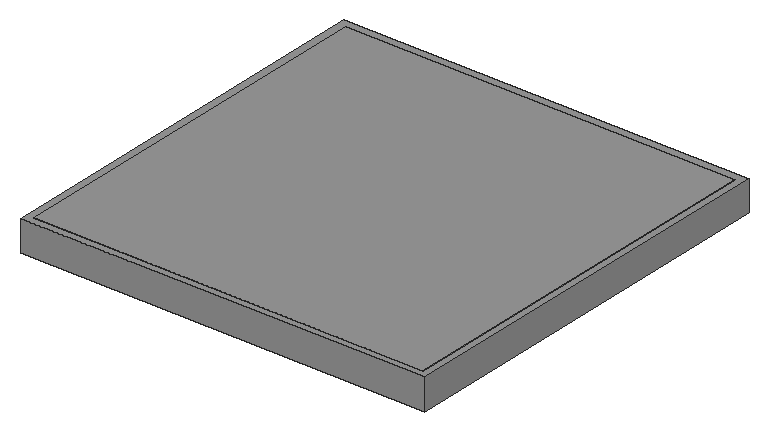
Revit family "ДВО-09 30 Вт Грильято DALI", category Осветительные приборы, Revit 2019 (continued)
Types (6, lengths in mm): name | Эффективность светильника | Файл фотометрической сетки | Тип рассеивателя | Световой поток модуля | built-in parameter 1150142 | Wattage | built-in parameter 1114217 | built-in parameter 1150134 | Lumens | built-in parameter 1150105 | Категория по ограничению яркости | built-in parameter 1150107 | built-in parameter 1150106 | Габаритная яркость | Артикул | URL
  ДВО-09-П-30-5К-IP40-Грильято-DALI | "143" | "INNOLUX 14 946 DVO-09-P-30-5K-IP40-DALI.ies" | "призма" | "1156" | "IESNA: LM-63-1995\r\n[TEST] lab - arhilight 1912722\r\n[MANUFAC] INNOLUX\r\n [LUMCAT] 14 946\r\n[LUMINAIRE] DVO-09-P-30-5Ê-IP40-DALI\r\n[LAMPCAT] LED 30W 5000K\r\n[MORE]  \r\n[MORE]\r\n[LAMPCAT] \r\n[LAMP] LED \r\n[BALLAST] NO\r\n[_PRODUCTGROUP] \r\n[_INFOLINK] This file is created by A.Arkhipov (www.arhilight.ru)\r\nTILT=NONE\r\n \r\n1 4292 4.292 181 145 1 2 0.588 0.588 0.045\r\n 1  1 30.0\r\n\r\n0 0.5 1 1.5 2 2.5 3 3.5 4 4.5 5 5.5 6 6.5 7 7.5 8 8.5 9 9.5 10 10.5 11 11.5 12 12.5 13 13.5 14 14.5 15 15.5 16 16.5 17 17.5 18 18.5 19 19.5 20 20.5 21 21.5 22 22.5 23 23.5 24 24.5 25 25.5 26 26.5 27 27.5 28 28.5 29 29.5 30 30.5 31 31.5 32 32.5 33 33.5 34 34.5 35 35.5 36 36.5 37 37.5 38 38.5 39 39.5 40 40.5 41 41.5 42 42.5 43 43.5 44 44.5 45 45.5 46 46.5 47 47.5 48 48.5 49 49.5 50 50.5 51 51.5 52 52.5 53 53.5 54 54.5 55 55.5 56 56.5 57 57.5 58 58.5 59 59.5 60 60.5 61 61.5 62 62.5 63 63.5 64 64.5 65 65.5 66 66.5 67 67.5 68 68.5 69 69.5 70 70.5 71 71.5 72 72.5 73 73.5 74 74.5 75 75.5 76 76.5 77 77.5 78 78.5 79 79.5 80 80.5 81 81.5 82 82.5 83 83.5 84 84.5 85 85.5 86 86.5 87 87.5 88 88.5 89 89.5 90\r\n\r\n0 2.5 5 7.5 10 12.5 15 17.5 20 22.5 25 27.5 30 32.5 35 37.5 40 42.5 45 47.5 50 52.5 55 57.5 60 62.5 65 67.5 70 72.5 75 77.5 80 82.5 85 87.5 90 92.5 95 97.5 100 102.5 105 107.5 110 112.5 115 117.5 120 122.5 125 127.5 130 132.5 135 137.5 140 142.5 145 147.5 150 152.5 155 157.5 160 162.5 165 167.5 170 172.5 175 177.5 180 182.5 185 187.5 190 192.5 195 197.5 200 202.5 205 207.5 210 212.5 215 217.5 220 222.5 225 227.5 230 232.5 235 237.5 240 242.5 245 247.5 250 252.5 255 257.5 260 262.5 265 267.5 270 272.5 275 277.5 280 282.5 285 287.5 290 292.5 295 297.5 300 302.5 305 307.5 310 312.5 315 317.5 320 322.5 325 327.5 330 332.5 335 337.5 340 342.5 345 347.5 350 352.5 355 357.5 360\r\n\r\n433.7 433.7 433.8 433.8 433.7 433.4 433.2 432.8 432.5 432.2 431.9 431.5 431.2 430.8 430.3 429.9 429.5 428.9 428.3 427.7 427 426.3 425.6 424.8 423.9 423.2 422.1 421.3 420.2 419.2 418.2 417.1 416 414.9 413.5 412.3 410.9 409.4 407.8 406.4 404.7 403.2 401.4 399.8 397.7 395.9 393.8 391.8 389.2 387.2 384.6 382.2 379.2 376.6 373.5 370.7 367.1 363.9 360.2 356.7 352.5 348.7 344.3 340.3 335.5 331.3 326.5 322.3 317.2 313 308.3 304 299.1 295 290.2 286.1 281.1 276.9 272.1 267.8 262.8 258.6 253.7 249.6 244.6 240.3 235.8 231.7 226.9 223 218.5 214.5 210.1 206.2 202 198.1 194 190.4 186.3 182.7 178.8 175.4 171.6 168.3 164.6 161.5 158 154.8 151.3 148.4 144.9 141.7 138.3 135.3 131.8 128.5 125 121.9 118.2 114.9 111.2 108 104.4 101.1 97.6 94.5 91 88 84.7 81.9 78.8 76.1 73.1 70.6 67.7 65.3 62.7 60.5 57.9 55.9 53.8 52.1 50.2 48.6 47 45.6 44.1 42.9 41.7 40.5 39.3 38.3 37.2 36.3 35.2 34.3 33.2 32.2 31.1 30.1 28.9 27.8 26.6 25.5 24.1 22.9 21.4 20 18.5 17.2 15.6 14.2 12.6 11.3 9.8 8.4 7.3 6.3 5.5 4.8 4.3\r\n433.6 433.6 433.5 433.4 433.3 433.1 432.8 432.4 432.1 431.8 431.5 431.1 430.8 430.4 429.8 429.4 428.9 428.3 427.7 427.1 426.3 425.6 424.9 424.1 423.3 422.4 421.4 420.7 419.6 418.5 417.4 416.4 415.2 414.1 412.6 411.4 409.9 408.5 406.9 405.4 403.7 402.1 400.3 398.6 396.5 394.7 392.5 390.4 387.9 385.7 383.1 380.6 377.6 374.9 371.8 368.9 365.2 362.1 358.3 354.9 350.8 347.2 343 339.2 334.6 330.8 326.2 322.3 317.6 313.6 309.1 305.2 300.5 296.7 292.3 288.5 283.9 280.1 275.7 271.8 267.3 263.4 259 255.1 250.6 246.6 242.3 238.4 233.8 230 225.6 221.7 217.4 213.6 209.3 205.5 201.3 197.7 193.5 189.7 185.6 182 177.9 174.2 170 166.4 162.2 158.4 154.3 150.6 146.4 142.6 138.4 134.8 130.7 126.9 122.9 119.4 115.4 111.8 108 104.6 100.9 97.5 93.9 90.8 87.3 84.3 81 78.1 75 72.3 69.4 66.9 64.2 61.9 59.4 57.4 55.1 53.3 51.4 49.8 48.1 46.7 45.3 44.1 42.8 41.8 40.7 39.7 38.6 37.7 36.6 35.8 34.7 33.7 32.7 31.7 30.6 29.6 28.5 27.6 26.4 25.4 24.1 23 21.6 20.3 18.7 17.3 15.6 14.1 12.5 11.1 9.4 8.1 6.8 5.8 4.8 4.2 3.8\r\n433.4 433.4 433.2 433.1 432.9 432.7 432.4 432.1 431.8 431.4 431.1 430.8 430.4 429.9 429.3 428.9 428.3 427.7 427 426.4 425.7 424.9 424.2 423.4 422.6 421.7 420.8 420 418.9 417.9 416.7 415.7 414.4 413.2 411.7 410.5 409 407.7 405.9 404.5 402.7 401 399.2 397.4 395.2 393.5 391.2 389.1 386.6 384.2 381.6 379 375.9 373.2 370 367.1 363.4 360.2 356.5 353.1 349.1 345.7 341.6 338.1 333.8 330.2 326 322.4 317.9 314.3 310 306.4 302 298.4 294.3 290.9 286.6 283.3 279.2 275.8 271.8 268.2 264.3 260.7 256.5 252.9 248.8 245.2 240.8 237 232.7 229 224.7 221 216.7 212.8 208.6 204.9 200.6 196.7 192.4 188.6 184.2 180 175.4 171.2 166.5 162.1 157.2 152.8 147.8 143.5 138.5 134.3 129.5 125.3 120.8 117 112.6 108.7 104.7 101.2 97.4 93.9 90.3 87.1 83.6 80.6 77.2 74.4 71.3 68.5 65.7 63.2 60.6 58.5 56.2 54.4 52.3 50.7 49 47.5 46 44.7 43.6 42.7 41.5 40.7 39.8 38.9 38 37.1 36.1 35.2 34.2 33.2 32.1 31.2 30.1 29.1 28.1 27.3 26.2 25.3 24.2 23.1 21.8 20.5 18.9 17.4 15.6 14 12.3 10.8 9.1 7.7 6.2 5.2 4.1 3.6 3.3\r\n433.4 433.4 433.2 433.1 432.8 432.6 432.3 432 431.7 431.3 431 430.6 430.3 429.8 429.4 428.9 428.3 427.7 426.9 426.3 425.6 424.8 424 423.2 422.4 421.5 420.5 419.7 418.6 417.5 416.4 415.4 414.1 412.9 411.5 410.3 408.9 407.5 405.8 404.3 402.6 401 399.1 397.3 395.2 393.4 391.2 389.1 386.6 384.3 381.7 379.2 376.1 373.4 370.2 367.2 363.5 360.3 356.6 353.2 349.2 345.7 341.7 338.1 333.8 330.2 325.9 322.3 317.7 314.1 309.7 305.9 301.4 297.7 293.4 289.7 285.1 281.5 277.3 273.6 269.2 265.5 261.3 257.7 253.3 249.6 245.4 241.8 237.3 233.6 229.2 225.4 221.1 217.5 213.2 209.3 205.1 201.5 197.2 193.5 189.2 185.5 181.3 177.3 172.8 168.8 164.2 160 155.3 151.1 146.3 142 137.2 133 128.4 124.2 119.7 115.9 111.6 107.7 103.7 100.2 96.4 93 89.4 86.3 82.9 79.9 76.6 73.8 70.8 68.1 65.2 62.9 60.2 58.1 55.8 53.9 51.8 50.1 48.4 46.9 45.3 44 42.8 41.8 40.6 39.7 38.7 37.9 36.9 36.1 35.1 34.2 33.2 32.3 31.2 30.3 29.2 28.3 27.3 26.4 25.3 24.3 23.2 22.1 20.8 19.5 18 16.6 14.9 13.4 11.8 10.3 8.7 7.4 6 5 4 3.6 3.3\r\n433.4 433.4 433.2 433.1 432.8 432.5 432.2 431.9 431.6 431.2 430.8 430.5 430.2 429.8 429.4 428.8 428.3 427.7 426.9 426.2 425.5 424.7 423.8 422.9 422.2 421.2 420.2 419.3 418.3 417.2 416.2 415 413.9 412.7 411.3 410.1 408.7 407.3 405.7 404.2 402.6 400.9 399.1 397.3 395.2 393.3 391.1 389.1 386.6 384.3 381.8 379.3 376.2 373.5 370.3 367.3 363.7 360.4 356.7 353.4 349.3 345.8 341.8 338.2 333.9 330.1 325.9 322.2 317.6 313.8 309.4 305.5 300.9 297 292.4 288.4 283.6 279.8 275.3 271.3 266.6 262.8 258.4 254.6 250.1 246.4 242.1 238.4 233.9 230.1 225.7 221.8 217.6 213.9 209.6 205.8 201.6 198.1 193.9 190.2 186.1 182.5 178.4 174.5 170.3 166.4 162 158 153.4 149.4 144.8 140.5 135.9 131.8 127.3 123.1 118.6 114.8 110.6 106.7 102.8 99.3 95.5 92.1 88.6 85.5 82.1 79.1 75.9 73.3 70.3 67.6 64.8 62.5 59.8 57.7 55.4 53.5 51.2 49.6 47.7 46.3 44.5 43.3 42 40.9 39.7 38.7 37.7 36.9 35.9 35 34.1 33.2 32.2 31.4 30.3 29.4 28.4 27.5 26.4 25.6 24.4 23.4 22.2 21.1 19.7 18.5 17.1 15.7 14.2 12.8 11.3 9.8 8.2 7 5.7 4.8 4 3.5 3.3\r\n433.4 433.3 433.1 433 432.7 432.5 432.2 432 431.6 431.2 430.8 430.5 430 429.6 429.1 428.6 428.1 427.4 426.7 426 425.3 424.5 423.7 422.8 422 421.1 420.1 419.2 418.1 417.1 415.9 414.8 413.5 412.3 410.9 409.6 408.1 406.6 405 403.5 401.8 400.1 398.3 396.6 394.5 392.6 390.6 388.6 386.2 384.1 381.7 379.4 376.5 373.9 370.9 368.2 364.7 361.7 358.1 354.9 350.9 347.4 343.3 339.6 335.1 331.1 326.6 322.5 317.6 313.4 308.5 304.2 299.2 294.9 290 285.8 280.7 276.6 271.9 267.9 263.1 259.2 254.7 250.9 246.3 242.6 238.2 234.5 230 226.2 221.9 217.9 213.7 210 205.7 201.8 197.5 193.9 189.6 185.9 181.7 178 173.8 170 165.9 162.2 157.9 154.2 149.9 146.2 142 138.2 134 130.4 126.3 122.6 118.6 115.2 111.4 108 104.3 101.2 97.7 94.5 91.2 88.3 85.2 82.3 79.2 76.6 73.7 71.1 68.4 66.1 63.4 61.1 58.7 56.6 54.2 52.3 50.2 48.4 46.4 44.8 43.2 41.7 40.2 38.8 37.5 36.4 35.1 34 32.8 31.8 30.6 29.6 28.4 27.4 26.2 25.2 24.1 23.1 21.9 20.8 19.6 18.5 17.2 16 14.6 13.4 12 10.8 9.4 8.2 7 6 5 4.4 3.8 3.5 3.3\r\n433.4 433.2 433.1 432.9 432.7 432.5 432.2 432 431.6 431.3 430.8 430.5 429.9 429.4 428.8 428.4 427.8 427.1 426.4 425.8 425 424.3 423.6 422.7 421.9 421 419.9 419 417.9 417 415.6 414.6 413.2 412 410.4 409.1 407.5 405.9 404.3 402.7 401 399.2 397.4 395.8 393.9 392 390 388.2 385.9 383.9 381.5 379.4 376.7 374.4 371.5 369 365.7 363 359.5 356.5 352.5 349 344.9 341 336.3 332.2 327.3 322.9 317.5 312.9 307.6 303 297.5 292.8 287.6 283.2 277.8 273.4 268.5 264.4 259.6 255.5 251 247.1 242.6 238.7 234.4 230.6 226.2 222.3 218.1 214 209.8 206 201.7 197.8 193.5 189.7 185.4 181.5 177.3 173.5 169.3 165.6 161.5 157.9 153.9 150.3 146.4 143 139.2 135.8 132.1 128.9 125.3 122.1 118.7 115.7 112.2 109.2 105.9 103 99.8 97 93.8 91.1 88.2 85.4 82.5 80 77.2 74.6 71.9 69.6 66.9 64.6 62 59.7 57.2 55 52.6 50.5 48.2 46.3 44.3 42.5 40.6 39 37.3 36 34.3 33 31.6 30.3 29 27.8 26.5 25.4 24.1 22.9 21.7 20.6 19.3 18.2 17 15.9 14.6 13.4 12.2 11.1 9.8 8.7 7.6 6.6 5.7 5 4.3 4 3.7 3.5 3.4\r\n433.6 433.5 433.5 433.4 433.2 433 432.7 432.4 432.1 431.8 431.3 431 430.5 430.1 429.6 429.1 428.6 428 427.4 426.8 426 425.3 424.6 423.8 422.9 422.1 421 420.2 419.1 418.1 416.9 415.9 414.6 413.4 412 410.7 409.2 407.7 406 404.6 402.9 401.2 399.4 397.8 395.8 394 391.9 390 387.6 385.6 383.1 380.8 378 375.5 372.5 369.8 366.4 363.5 359.8 356.6 352.5 348.9 344.6 340.7 335.9 331.7 326.9 322.6 317.4 312.9 308 303.5 298.3 293.9 288.9 284.6 279.5 275.2 270.3 266.1 261.2 257.1 252.3 248.3 243.6 239.5 235.1 231.2 226.5 222.7 218.3 214.3 209.9 206.1 201.8 197.9 193.7 190.1 185.9 182.1 178 174.5 170.5 166.9 163 159.7 155.9 152.6 148.9 145.7 142.1 138.7 135.2 132.1 128.6 125.3 121.8 118.8 115.2 112.1 108.6 105.5 102.1 99 95.7 92.8 89.6 86.7 83.6 81 78 75.4 72.5 70.1 67.3 64.9 62.3 60.1 57.5 55.5 53.2 51.3 49.2 47.5 45.7 44.1 42.4 41 39.5 38.2 36.8 35.6 34.4 33.3 32.1 31 29.8 28.8 27.6 26.5 25.3 24.2 22.9 21.9 20.5 19.4 18 16.7 15.4 14.2 12.7 11.5 10.1 9 7.7 6.7 5.8 5.2 4.6 4.1 3.8\r\n433.7 433.7 433.8 433.8 433.7 433.4 433.2 432.8 432.5 432.2 431.9 431.5 431.2 430.8 430.3 429.9 429.5 428.9 428.3 427.7 427 426.3 425.6 424.8 423.9 423.2 422.1 421.3 420.2 419.2 418.2 417.1 416 414.9 413.5 412.3 410.9 409.4 407.8 406.4 404.7 403.2 401.4 399.8 397.7 395.9 393.8 391.8 389.2 387.2 384.6 382.2 379.2 376.6 373.5 370.7 367.1 363.9 360.2 356.7 352.5 348.7 344.3 340.3 335.5 331.3 326.5 322.3 317.2 313 308.3 304 299.1 295 290.2 286.1 281.1 276.9 272.1 267.8 262.8 258.6 253.7 249.6 244.6 240.3 235.8 231.7 226.9 223 218.5 214.5 210.1 206.2 202 198.1 194 190.4 186.3 182.7 178.8 175.4 171.6 168.3 164.6 161.5 158 154.8 151.3 148.4 144.9 141.7 138.3 135.3 131.8 128.5 125 121.9 118.2 114.9 111.2 108 104.4 101.1 97.6 94.5 91 88 84.7 81.9 78.8 76.1 73.1 70.6 67.7 65.3 62.7 60.5 57.9 55.9 53.8 52.1 50.2 48.6 47 45.6 44.1 42.9 41.7 40.5 39.3 38.3 37.2 36.3 35.2 34.3 33.2 32.2 31.1 30.1 28.9 27.8 26.6 25.5 24.1 22.9 21.4 20 18.5 17.2 15.6 14.2 12.6 11.3 9.8 8.4 7.3 6.3 5.5 4.8 4.3\r\n433.6 433.6 433.5 433.4 433.3 433.1 432.8 432.4 432.1 431.8 431.5 431.1 430.8 430.4 429.8 429.4 428.9 428.3 427.7 427.1 426.3 425.6 424.9 424.1 423.3 422.5 421.4 420.7 419.6 418.5 417.4 416.4 415.2 414.1 412.6 411.4 409.9 408.5 406.9 405.4 403.7 402.1 400.3 398.6 396.5 394.7 392.5 390.4 387.9 385.7 383.1 380.6 377.6 374.9 371.8 368.9 365.2 362.1 358.3 354.9 350.8 347.2 343 339.2 334.6 330.8 326.2 322.3 317.6 313.6 309.1 305.2 300.5 296.7 292.3 288.5 283.9 280.1 275.7 271.8 267.3 263.4 259 255.1 250.6 246.6 242.3 238.4 233.8 230 225.6 221.7 217.4 213.6 209.3 205.5 201.3 197.7 193.5 189.7 185.6 182 177.9 174.2 170 166.4 162.2 158.4 154.3 150.6 146.4 142.6 138.4 134.8 130.7 126.9 122.9 119.4 115.4 111.8 108 104.6 100.9 97.5 93.9 90.8 87.3 84.3 81 78.1 75 72.3 69.4 66.9 64.2 61.9 59.5 57.4 55.1 53.3 51.4 49.8 48.1 46.7 45.3 44.1 42.8 41.8 40.7 39.7 38.6 37.7 36.6 35.8 34.7 33.7 32.7 31.7 30.6 29.6 28.5 27.5 26.4 25.4 24.1 23 21.6 20.3 18.7 17.3 15.6 14.1 12.5 11.1 9.5 8.1 6.8 5.8 4.8 4.2 3.8\r\n433.4 433.4 433.2 433.1 432.9 432.7 432.4 432.1 431.8 431.4 431.1 430.8 430.4 429.9 429.3 428.9 428.3 427.7 427 426.4 425.7 424.9 424.2 423.4 422.6 421.7 420.8 420 418.9 417.9 416.7 415.7 414.3 413.2 411.7 410.5 409 407.7 405.9 404.5 402.7 401 399.2 397.4 395.3 393.5 391.3 389.1 386.6 384.3 381.6 379 375.9 373.2 370 367.1 363.4 360.2 356.5 353.1 349.1 345.7 341.6 338.1 333.8 330.2 326 322.4 317.9 314.3 310 306.4 302 298.4 294.3 290.9 286.6 283.3 279.2 275.8 271.8 268.2 264.3 260.7 256.5 252.9 248.8 245.2 240.8 237 232.7 229 224.6 221 216.7 212.8 208.6 204.9 200.6 196.7 192.4 188.6 184.2 180 175.4 171.2 166.5 162.1 157.2 152.8 147.8 143.5 138.5 134.3 129.5 125.3 120.8 117 112.6 108.7 104.7 101.2 97.4 93.9 90.3 87.1 83.7 80.6 77.2 74.4 71.3 68.5 65.7 63.2 60.6 58.5 56.2 54.4 52.3 50.7 49 47.4 46 44.7 43.6 42.7 41.5 40.7 39.8 38.9 38 37.1 36.1 35.2 34.2 33.2 32.1 31.2 30.1 29.1 28.1 27.3 26.2 25.3 24.2 23.1 21.8 20.5 18.9 17.4 15.6 14.1 12.3 10.8 9.1 7.7 6.2 5.2 4.1 3.6 3.3\r\n433.4 433.4 433.2 433.1 432.8 432.6 432.3 432 431.7 431.3 431 430.6 430.3 429.8 429.4 428.9 428.3 427.7 426.9 426.3 425.6 424.8 424 423.2 422.4 421.5 420.5 419.6 418.6 417.5 416.4 415.4 414.1 412.9 411.5 410.3 408.9 407.5 405.8 404.3 402.6 401 399.1 397.3 395.2 393.4 391.2 389.1 386.6 384.3 381.7 379.2 376.1 373.4 370.2 367.2 363.5 360.3 356.6 353.2 349.2 345.7 341.7 338.1 333.8 330.2 325.9 322.3 317.7 314.1 309.7 305.9 301.4 297.7 293.4 289.7 285.1 281.5 277.3 273.6 269.2 265.5 261.3 257.7 253.3 249.6 245.4 241.8 237.3 233.5 229.2 225.4 221.1 217.5 213.1 209.3 205.1 201.5 197.2 193.5 189.2 185.5 181.3 177.3 172.8 168.8 164.2 160 155.3 151.1 146.3 142 137.2 133.1 128.4 124.2 119.7 115.9 111.6 107.7 103.7 100.2 96.4 93 89.4 86.3 82.9 79.9 76.6 73.8 70.8 68.1 65.3 62.9 60.2 58.1 55.8 53.9 51.8 50.1 48.4 46.9 45.3 44 42.8 41.8 40.6 39.7 38.7 37.9 36.9 36.1 35.1 34.2 33.2 32.3 31.2 30.3 29.2 28.3 27.3 26.4 25.3 24.3 23.2 22.1 20.8 19.5 18 16.6 14.9 13.4 11.8 10.3 8.7 7.4 6 5 4 3.5 3.3\r\n433.4 433.4 433.2 433.1 432.8 432.5 432.2 431.9 431.6 431.2 430.8 430.5 430.2 429.8 429.4 428.8 428.3 427.7 426.9 426.2 425.5 424.7 423.8 422.9 422.2 421.2 420.2 419.3 418.3 417.2 416.2 415 413.9 412.7 411.3 410.1 408.7 407.3 405.7 404.2 402.6 400.9 399.1 397.3 395.2 393.3 391.1 389.1 386.6 384.3 381.8 379.3 376.2 373.5 370.3 367.3 363.7 360.4 356.7 353.4 349.3 345.8 341.8 338.2 333.9 330.1 325.9 322.2 317.6 313.8 309.4 305.5 300.9 297 292.4 288.4 283.6 279.8 275.3 271.3 266.6 262.8 258.4 254.6 250.1 246.4 242.1 238.4 233.9 230.1 225.7 221.8 217.6 213.9 209.6 205.8 201.6 198.1 193.9 190.2 186.1 182.5 178.4 174.5 170.3 166.4 162 158 153.4 149.4 144.8 140.5 135.9 131.8 127.3 123.1 118.6 114.8 110.6 106.7 102.8 99.3 95.5 92.1 88.6 85.5 82.1 79.1 75.9 73.3 70.3 67.6 64.8 62.5 59.8 57.7 55.4 53.5 51.2 49.6 47.7 46.3 44.5 43.3 42 40.9 39.7 38.7 37.7 36.9 35.9 35 34.1 33.2 32.2 31.4 30.3 29.4 28.4 27.5 26.4 25.6 24.4 23.4 22.2 21.1 19.7 18.5 17.1 15.7 14.2 12.8 11.3 9.8 8.2 7 5.7 4.8 4 3.5 3.3\r\n433.4 433.3 433.1 433 432.7 432.5 432.2 432 431.6 431.2 430.8 430.5 430 429.6 429.1 428.6 428.1 427.4 426.7 426 425.3 424.5 423.7 422.8 422 421.1 420.1 419.2 418.1 417.1 415.9 414.8 413.5 412.3 410.9 409.6 408.1 406.6 405 403.5 401.8 400.1 398.3 396.6 394.5 392.6 390.6 388.6 386.2 384.1 381.7 379.4 376.5 373.9 370.9 368.2 364.7 361.7 358.1 354.9 350.9 347.4 343.3 339.6 335.1 331.1 326.6 322.5 317.6 313.4 308.5 304.2 299.2 294.9 290 285.8 280.7 276.6 271.9 267.9 263.1 259.2 254.7 250.9 246.3 242.6 238.2 234.5 230 226.2 221.9 217.9 213.7 210 205.7 201.8 197.5 193.9 189.6 185.9 181.7 178 173.8 170 165.9 162.2 157.9 154.2 149.9 146.2 142 138.2 134 130.4 126.3 122.6 118.6 115.2 111.4 108 104.3 101.2 97.7 94.5 91.2 88.3 85.2 82.3 79.2 76.6 73.7 71.1 68.4 66.1 63.4 61.1 58.7 56.6 54.2 52.3 50.2 48.4 46.4 44.8 43.2 41.7 40.2 38.8 37.5 36.4 35.1 34 32.8 31.8 30.6 29.6 28.4 27.4 26.2 25.2 24.1 23.1 21.9 20.8 19.6 18.5 17.2 16 14.6 13.4 12 10.8 9.4 8.2 7 6 5 4.4 3.8 3.5 3.3\r\n433.4 433.2 433.1 432.9 432.7 432.5 432.2 432 431.6 431.3 430.8 430.5 429.9 429.4 428.8 428.4 427.8 427.1 426.4 425.8 425 424.3 423.6 422.7 421.9 421 419.9 
